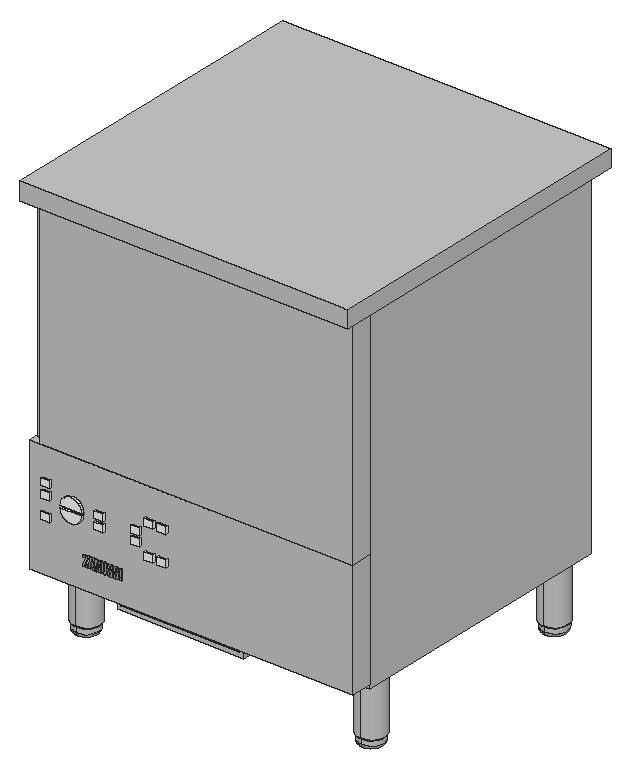
Revit family "QF_ELECTROLUXPROFESSIONAL_727893_RBF061", category Specialty Equipment, Revit 2018
Family settings
  Round Connector Dimension = Use Diameter
  Part Type = Normal
  Work Plane-Based = No
  Always vertical = Yes
  Cut with Voids When Loaded = No
  Shared = No
  Room Calculation Point = No
Parameters (values of type "Standard")
  Weight = 231.485 lbm
  Watts = 0 W
  Volts = 220 V
  URL Manufacturer = "http://professional.electrolux.com"
  URL = "http://professional.electrolux.com"
  Steam Supply Size = 0"
  Steam Supply Minimum Pressure = 0.00 psi
  Steam Supply Maximum Pressure = 0.00 psi
  Steam Pounds per Hour = 0
  Show Clearance [instance] = yes
  Refrigeration Suction Line Size = 0 mm
  Refrigeration Liquid Line Size = 0 mm
  Refrigerant Compressor Remote = yes
  Phase = 1
  Model = "RBF061"
  Manufacturer = "Electrolux Professional"
  Length Actual = 760 mm  # constant formula
  Item Number = "727893"
  Hot Water Size = 0"
  Height Actual = 970 mm  # constant formula
  HP = "2.1 HP"
  Gas Size = 0"
  Gas KW = 0
  Gas Input Pressure = 0.0 Btu/h
  Direct Waste Size = 0"
  Description = "BLAST CHILLER/FREEZER 19,5/15KG 6 GN1/1-R452A"
  Depth Actual = 760 mm  # constant formula
  Cycle = 50 Hz
  Condensate Return Size = 0"
  Compressed Air Volume = 0 GPM
  Compressed Air Size = 0"
  Compressed Air Pressure = 0.00 psi
  Cold Water Size = 0"
  Accessory = yes
Reference planes
  plane 1 "BACK": y = 0
  plane 2: z = 0
  plane 3 "LEFT": x = 0
  plane 4 "RIGHT": x = 760
  plane 5 "FRONT": y = -760
  plane 6 "TOP": z = 970
  plane 7 "Center Y": x = 380
  plane 8 "Center X": y = -380
  plane 9: x = 50
  plane 10: x = 710
  plane 11: z = 150
  plane 12: z = 86
  plane 13: y = -50
  plane 14: y = -760
  plane 15: y = -689
  plane 16: y = -435
  plane 17: y = -1450
Forms (mm)
  Extrusion 1, solid, material "QF_Metal - Stainless - Polished"
    sketch origin (0, 0, 0) x (1, 0, 0) y (0, 0, 1)
      loop
        line (6.35, 930) -> (6.35, 150) -> (753.65, 150) -> (753.65, 930) -> (6.35, 930)
    from 50 to 689
  Revolve 2, solid, material "QF_Metal - Stainless - Polished"
    sketch origin (50, -16.833, 0) x (0, 1, 0) y (0, 0, 1)
      loop
        line (-650.954, 150) -> (-650.954, 145.008) -> (-645.28, 145.008) -> (-645.28, 21.074) -> (-641.767, 17.561) -> (-641.767, 6.021)
        arc (-641.767, 6.021) -> (-640.973, 2.655) -> (-638.757, 0) r 7.527
        line (-638.757, 0) -> (-613.167, 0) -> (-613.167, 150) -> (-650.954, 150)
      axis (-613.167, 0) -> (-613.167, 150)
    angle from 0 to 360
  Revolve 3, solid, material "QF_Metal - Stainless - Polished"
    sketch origin (50, -787.167, 0) x (0, -1, 0) y (0, 0, 1)
      loop
        line (-724.954, 150) -> (-724.954, 145.008) -> (-719.28, 145.008) -> (-719.28, 21.074) -> (-715.767, 17.561) -> (-715.767, 6.021)
        arc (-715.767, 6.021) -> (-714.973, 2.655) -> (-712.757, 0) r 7.527
        line (-712.757, 0) -> (-687.167, 0) -> (-687.167, 150) -> (-724.954, 150)
      axis (-687.167, 0) -> (-687.167, 150)
    angle from 0 to 360
  Extrusion 4, solid, material "QF_Metal - Stainless - Polished"
    sketch origin (-90, 0, 0) x (1, 0, 0) y (0, 0, 1)
      loop
        line (201.815, 150) -> (201.815, 120.527) -> (558.815, 120.527) -> (558.815, 150) -> (552.415, 150) -> (552.415, 126.927) -> (208.215, 126.927) -> (208.215, 150) -> (201.815, 150)
    from 218.729 to 655.055
  Extrusion 5, solid, material "QF_Metal - Stainless - Polished"
    sketch origin (-90, 0, 0) x (1, 0, 0) y (0, 0, 1)
      loop
        line (239.429, 120.527) -> (233.029, 120.527) -> (233.029, 86) -> (524.894, 86) -> (524.894, 120.527) -> (518.494, 120.527) -> (518.494, 95.527) -> (239.429, 95.527) -> (239.429, 120.527)
    from 333.038 to 655.055
  Extrusion 6, solid, material "QF_Metal - Stainless - Polished"
    sketch origin (0, -130, 0) x (1, 0, 0) y (0, 1, 0)
      loop
        circle (380, -305) r 20
    from 138.473 to 150
  Revolve 7, solid, material "QF_Metal - Stainless - Polished"
    sketch origin (710, -16.833, 0) x (0, 1, 0) y (0, 0, -1)
      loop
        line (-650.954, -150) -> (-613.167, -150) -> (-613.167, 0) -> (-638.757, 0)
        arc (-638.757, 0) -> (-640.973, -2.655) -> (-641.767, -6.021) r 7.527
        line (-641.767, -6.021) -> (-641.767, -17.561) -> (-645.28, -21.074) -> (-645.28, -145.008) -> (-650.954, -145.008) -> (-650.954, -150)
      axis (-613.167, 0) -> (-613.167, -150)
    angle from 0 to 360
  Revolve 8, solid, material "QF_Metal - Stainless - Polished"
    sketch origin (710, -787.167, 0) x (0, -1, 0) y (0, 0, 1)
      loop
        line (-724.954, 150) -> (-724.954, 145.008) -> (-719.28, 145.008) -> (-719.28, 21.074) -> (-715.767, 17.561) -> (-715.767, 6.021)
        arc (-715.767, 6.021) -> (-714.973, 2.655) -> (-712.757, 0) r 7.527
        line (-712.757, 0) -> (-687.167, 0) -> (-687.167, 150) -> (-724.954, 150)
      axis (-687.167, 0) -> (-687.167, 150)
    angle from 0 to 360
  Extrusion 9, solid, material "QF_Metal - Stainless - Polished"
    sketch origin (0, -50, 0) x (1, 0, 0) y (0, 0, 1)
      loop
        circle (380, 777.083) r 20
    from -7.507 to 0
  Extrusion 10, solid, material "QF_Door-Drawer Clearances", visible <- "Show Clearance", detail levels coarse
    sketch origin (0, 0, 0) x (1, 0, 0) y (0, 1, 0)
      loop
        line (753.65, -739) -> (6.35, -739)
        arc (6.35, -739) -> (230.872, -1251.241) -> (753.65, -1450) r 722.91
        line (753.65, -1450) -> (753.65, -739)
    from 427.4 to 930
  Extrusion 11, solid, material "QF_Metal - Stainless - Polished"
    sketch origin (0, 0, 930) x (1, 0, 0) y (0, 1, 0)
      loop
        line (0, 0) -> (0, -760) -> (760, -760) -> (760, 0) -> (0, 0)
    from 0 to 40
  Extrusion 12, solid, material "QF_Metal - Stainless - Polished"
    sketch origin (0, 0, 0) x (1, 0, 0) y (0, 1, 0)
      loop
        line (753.65, -689) -> (6.35, -689) -> (6.35, -714)
        arc (6.35, -714) -> (13.85, -721.5) -> (21.35, -714) r 7.5
        line (21.35, -714) -> (21.35, -712.023)
        arc (21.35, -712.023) -> (23.7, -706.35) -> (29.373, -704) r 8.023
        line (29.373, -704) -> (50, -704)
        arc (50, -704) -> (58.125, -712.125) -> (50, -720.25) r 8.125
        line (50, -720.25) -> (43.056, -720.25)
        arc (43.056, -720.25) -> (33.824, -724.074) -> (30, -733.306) r 13.056
        line (30, -733.306) -> (30, -739) -> (753.65, -739) -> (753.65, -689)
    from 427.4 to 930
  Extrusion 13, solid, material "QF_Metal - Stainless - Polished"
    sketch origin (0, 74.472, -542.6) x (1, 0, 0) y (0, 0, 1)
      loop
        line (6.35, 970) -> (6.35, 701.557) -> (753.65, 701.557) -> (753.65, 970) -> (6.35, 970)
    from 763.472 to 813.472
  Extrusion 14, solid, material "QF_Plastic - White - Smooth"
    sketch origin (-40, -739, -257.391) x (1, 0, 0) y (0, 0, 1)
      loop
        line (75.078, 617.851) -> (75.078, 601.601) -> (95.078, 601.601) -> (95.078, 617.851) -> (75.078, 617.851)
      loop
        line (75.078, 547.851) -> (75.078, 531.601) -> (95.078, 531.601) -> (95.078, 547.851) -> (75.078, 547.851)
      loop
        line (75.078, 592.851) -> (75.078, 576.601) -> (95.078, 576.601) -> (95.078, 592.851) -> (75.078, 592.851)
      loop
        line (120.078, 576.601) -> (170.078, 576.601)
        arc (170.078, 576.601) -> (145.078, 601.601) -> (120.078, 576.601) r 25
      loop
        arc (120.078, 571.601) -> (145.078, 546.601) -> (170.078, 571.601) r 25
        line (170.078, 571.601) -> (120.078, 571.601)
      loop
        line (198.715, 592.851) -> (198.715, 576.601) -> (218.715, 576.601) -> (218.715, 592.851) -> (198.715, 592.851)
      loop
        line (198.715, 570.081) -> (198.715, 553.831) -> (218.715, 553.831) -> (218.715, 570.081) -> (198.715, 570.081)
      loop
        line (283.715, 592.851) -> (283.715, 576.601) -> (303.715, 576.601) -> (303.715, 592.851) -> (283.715, 592.851)
      loop
        line (283.715, 570.081) -> (283.715, 553.831) -> (303.715, 553.831) -> (303.715, 570.081) -> (283.715, 570.081)
      loop
        line (314.587, 617.851) -> (314.587, 601.601) -> (334.587, 601.601) -> (334.587, 617.851) -> (314.587, 617.851)
      loop
        line (344.587, 617.851) -> (344.587, 601.601) -> (364.587, 601.601) -> (364.587, 617.851) -> (344.587, 617.851)
      loop
        line (314.587, 547.851) -> (314.587, 531.601) -> (334.587, 531.601) -> (334.587, 547.851) -> (314.587, 547.851)
      loop
        line (344.587, 547.851) -> (344.587, 531.601) -> (364.587, 531.601) -> (364.587, 547.851) -> (344.587, 547.851)
    from 0 to 4.861
Lines and regions (mm)
  Split face 1
    outline origin (0, -739, -542.6) x (1, 0, 0) y (0, 0, 1)
      loop
        line (33.078, 905.06) -> (33.078, 814.81) -> (326.587, 814.81) -> (326.587, 905.06) -> (33.078, 905.06)
  Split face 2
    outline origin (-15, -739, -542.6) x (1, 0, 0) y (0, 0, 1)
      loop
        line (397.261, 942.498) -> (397.261, 932.498) -> (452.261, 932.498) -> (452.261, 942.498) -> (397.261, 942.498)
  Split face 3
    outline origin (-15, -739, -557.6) x (1, 0, 0) y (0, 0, 1)
      loop
        line (397.261, 942.498) -> (397.261, 932.498) -> (452.261, 932.498) -> (452.261, 942.498) -> (397.261, 942.498)
  Split face 4
    outline origin (-15, -739, -572.6) x (1, 0, 0) y (0, 0, 1)
      loop
        line (397.261, 942.498) -> (397.261, 932.498) -> (452.261, 932.498) -> (452.261, 942.498) -> (397.261, 942.498)
  Split face 5
    outline origin (-15, -739, -602.6) x (1, 0, 0) y (0, 0, 1)
      loop
        line (397.261, 942.498) -> (397.261, 932.498) -> (452.261, 932.498) -> (452.261, 942.498) -> (397.261, 942.498)
  Split face 6
    outline origin (-15, -739, -617.6) x (1, 0, 0) y (0, 0, 1)
      loop
        line (397.261, 942.498) -> (397.261, 932.498) -> (452.261, 932.498) -> (452.261, 942.498) -> (397.261, 942.498)
  Split face 7
    outline origin (-15, -739, -632.6) x (1, 0, 0) y (0, 0, 1)
      loop
        line (397.261, 942.498) -> (397.261, 932.498) -> (452.261, 932.498) -> (452.261, 942.498) -> (397.261, 942.498)
  Split face 8
    outline origin (-15, -739, -662.6) x (1, 0, 0) y (0, 0, 1)
      loop
        line (397.261, 942.498) -> (397.261, 932.498) -> (452.261, 932.498) -> (452.261, 942.498) -> (397.261, 942.498)
  Split face 9
    outline origin (-15, -739, -677.6) x (1, 0, 0) y (0, 0, 1)
      loop
        line (397.261, 942.498) -> (397.261, 932.498) -> (452.261, 932.498) -> (452.261, 942.498) -> (397.261, 942.498)
  Split face 10
    outline origin (-15, -739, -692.6) x (1, 0, 0) y (0, 0, 1)
      loop
        line (397.261, 942.498) -> (397.261, 932.498) -> (452.261, 932.498) -> (452.261, 942.498) -> (397.261, 942.498)
  Split face 11
    outline origin (-15, -739, -722.6) x (1, 0, 0) y (0, 0, 1)
      loop
        line (397.261, 942.498) -> (397.261, 932.498) -> (452.261, 932.498) -> (452.261, 942.498) -> (397.261, 942.498)
  Split face 12
    outline origin (-15, -739, -737.6) x (1, 0, 0) y (0, 0, 1)
      loop
        line (397.261, 942.498) -> (397.261, 932.498) -> (452.261, 932.498) -> (452.261, 942.498) -> (397.261, 942.498)
  Split face 13
    outline origin (-15, -739, -752.6) x (1, 0, 0) y (0, 0, 1)
      loop
        line (397.261, 942.498) -> (397.261, 932.498) -> (452.261, 932.498) -> (452.261, 942.498) -> (397.261, 942.498)
  Split face 14
    outline origin (60, -739, -542.6) x (1, 0, 0) y (0, 0, 1)
      loop
        line (397.261, 942.498) -> (397.261, 932.498) -> (452.261, 932.498) -> (452.261, 942.498) -> (397.261, 942.498)
  Split face 15
    outline origin (60, -739, -557.6) x (1, 0, 0) y (0, 0, 1)
      loop
        line (397.261, 942.498) -> (397.261, 932.498) -> (452.261, 932.498) -> (452.261, 942.498) -> (397.261, 942.498)
  Split face 16
    outline origin (60, -739, -572.6) x (1, 0, 0) y (0, 0, 1)
      loop
        line (397.261, 942.498) -> (397.261, 932.498) -> (452.261, 932.498) -> (452.261, 942.498) -> (397.261, 942.498)
  Split face 17
    outline origin (60, -739, -602.6) x (1, 0, 0) y (0, 0, 1)
      loop
        line (397.261, 942.498) -> (397.261, 932.498) -> (452.261, 932.498) -> (452.261, 942.498) -> (397.261, 942.498)
  Split face 18
    outline origin (60, -739, -617.6) x (1, 0, 0) y (0, 0, 1)
      loop
        line (397.261, 942.498) -> (397.261, 932.498) -> (452.261, 932.498) -> (452.261, 942.498) -> (397.261, 942.498)
  Split face 19
    outline origin (60, -739, -632.6) x (1, 0, 0) y (0, 0, 1)
      loop
        line (397.261, 942.498) -> (397.261, 932.498) -> (452.261, 932.498) -> (452.261, 942.498) -> (397.261, 942.498)
  Split face 20
    outline origin (60, -739, -662.6) x (1, 0, 0) y (0, 0, 1)
      loop
        line (397.261, 942.498) -> (397.261, 932.498) -> (452.261, 932.498) -> (452.261, 942.498) -> (397.261, 942.498)
  Split face 21
    outline origin (60, -739, -677.6) x (1, 0, 0) y (0, 0, 1)
      loop
        line (397.261, 942.498) -> (397.261, 932.498) -> (452.261, 932.498) -> (452.261, 942.498) -> (397.261, 942.498)
  Split face 22
    outline origin (60, -739, -692.6) x (1, 0, 0) y (0, 0, 1)
      loop
        line (397.261, 942.498) -> (397.261, 932.498) -> (452.261, 932.498) -> (452.261, 942.498) -> (397.261, 942.498)
  Split face 23
    outline origin (60, -739, -722.6) x (1, 0, 0) y (0, 0, 1)
      loop
        line (397.261, 942.498) -> (397.261, 932.498) -> (452.261, 932.498) -> (452.261, 942.498) -> (397.261, 942.498)
  Split face 24
    outline origin (60, -739, -737.6) x (1, 0, 0) y (0, 0, 1)
      loop
        line (397.261, 942.498) -> (397.261, 932.498) -> (452.261, 932.498) -> (452.261, 942.498) -> (397.261, 942.498)
  Split face 25
    outline origin (60, -739, -752.6) x (1, 0, 0) y (0, 0, 1)
      loop
        line (397.261, 942.498) -> (397.261, 932.498) -> (452.261, 932.498) -> (452.261, 942.498) -> (397.261, 942.498)
  Split face 26
    outline origin (135, -739, -542.6) x (1, 0, 0) y (0, 0, 1)
      loop
        line (397.261, 942.498) -> (397.261, 932.498) -> (452.261, 932.498) -> (452.261, 942.498) -> (397.261, 942.498)
  Split face 27
    outline origin (135, -739, -557.6) x (1, 0, 0) y (0, 0, 1)
      loop
        line (397.261, 942.498) -> (397.261, 932.498) -> (452.261, 932.498) -> (452.261, 942.498) -> (397.261, 942.498)
  Split face 28
    outline origin (135, -739, -572.6) x (1, 0, 0) y (0, 0, 1)
      loop
        line (397.261, 942.498) -> (397.261, 932.498) -> (452.261, 932.498) -> (452.261, 942.498) -> (397.261, 942.498)
  Split face 29
    outline origin (135, -739, -602.6) x (1, 0, 0) y (0, 0, 1)
      loop
        line (397.261, 942.498) -> (397.261, 932.498) -> (452.261, 932.498) -> (452.261, 942.498) -> (397.261, 942.498)
  Split face 30
    outline origin (135, -739, -617.6) x (1, 0, 0) y (0, 0, 1)
      loop
        line (397.261, 942.498) -> (397.261, 932.498) -> (452.261, 932.498) -> (452.261, 942.498) -> (397.261, 942.498)
  Split face 31
    outline origin (135, -739, -632.6) x (1, 0, 0) y (0, 0, 1)
      loop
        line (397.261, 942.498) -> (397.261, 932.498) -> (452.261, 932.498) -> (452.261, 942.498) -> (397.261, 942.498)
  Split face 32
    outline origin (135, -739, -662.6) x (1, 0, 0) y (0, 0, 1)
      loop
        line (397.261, 942.498) -> (397.261, 932.498) -> (452.261, 932.498) -> (452.261, 942.498) -> (397.261, 942.498)
  Split face 33
    outline origin (135, -739, -677.6) x (1, 0, 0) y (0, 0, 1)
      loop
        line (397.261, 942.498) -> (397.261, 932.498) -> (452.261, 932.498) -> (452.261, 942.498) -> (397.261, 942.498)
  Split face 34
    outline origin (135, -739, -692.6) x (1, 0, 0) y (0, 0, 1)
      loop
        line (397.261, 942.498) -> (397.261, 932.498) -> (452.261, 932.498) -> (452.261, 942.498) -> (397.261, 942.498)
  Split face 35
    outline origin (135, -739, -722.6) x (1, 0, 0) y (0, 0, 1)
      loop
        line (397.261, 942.498) -> (397.261, 932.498) -> (452.261, 932.498) -> (452.261, 942.498) -> (397.261, 942.498)
  Split face 36
    outline origin (135, -739, -737.6) x (1, 0, 0) y (0, 0, 1)
      loop
        line (397.261, 942.498) -> (397.261, 932.498) -> (452.261, 932.498) -> (452.261, 942.498) -> (397.261, 942.498)
  Split face 37
    outline origin (135, -739, -752.6) x (1, 0, 0) y (0, 0, 1)
      loop
        line (397.261, 942.498) -> (397.261, 932.498) -> (452.261, 932.498) -> (452.261, 942.498) -> (397.261, 942.498)
  Split face 38
    outline origin (210, -739, -542.6) x (1, 0, 0) y (0, 0, 1)
      loop
        line (397.261, 942.498) -> (397.261, 932.498) -> (452.261, 932.498) -> (452.261, 942.498) -> (397.261, 942.498)
  Split face 39
    outline origin (210, -739, -557.6) x (1, 0, 0) y (0, 0, 1)
      loop
        line (397.261, 942.498) -> (397.261, 932.498) -> (452.261, 932.498) -> (452.261, 942.498) -> (397.261, 942.498)
  Split face 40
    outline origin (210, -739, -572.6) x (1, 0, 0) y (0, 0, 1)
      loop
        line (397.261, 942.498) -> (397.261, 932.498) -> (452.261, 932.498) -> (452.261, 942.498) -> (397.261, 942.498)
  Split face 41
    outline origin (210, -739, -602.6) x (1, 0, 0) y (0, 0, 1)
      loop
        line (397.261, 942.498) -> (397.261, 932.498) -> (452.261, 932.498) -> (452.261, 942.498) -> (397.261, 942.498)
  Split face 42
    outline origin (210, -739, -617.6) x (1, 0, 0) y (0, 0, 1)
      loop
        line (397.261, 942.498) -> (397.261, 932.498) -> (452.261, 932.498) -> (452.261, 942.498) -> (397.261, 942.498)
  Split face 43
    outline origin (210, -739, -632.6) x (1, 0, 0) y (0, 0, 1)
      loop
        line (397.261, 942.498) -> (397.261, 932.498) -> (452.261, 932.498) -> (452.261, 942.498) -> (397.261, 942.498)
  Split face 44
    outline origin (210, -739, -662.6) x (1, 0, 0) y (0, 0, 1)
      loop
        line (397.261, 942.498) -> (397.261, 932.498) -> (452.261, 932.498) -> (452.261, 942.498) -> (397.261, 942.498)
  Split face 45
    outline origin (210, -739, -677.6) x (1, 0, 0) y (0, 0, 1)
      loop
        line (397.261, 942.498) -> (397.261, 932.498) -> (452.261, 932.498) -> (452.261, 942.498) -> (397.261, 942.498)
  Split face 46
    outline origin (210, -739, -692.6) x (1, 0, 0) y (0, 0, 1)
      loop
        line (397.261, 942.498) -> (397.261, 932.498) -> (452.261, 932.498) -> (452.261, 942.498) -> (397.261, 942.498)
  Split face 47
    outline origin (210, -739, -722.6) x (1, 0, 0) y (0, 0, 1)
      loop
        line (397.261, 942.498) -> (397.261, 932.498) -> (452.261, 932.498) -> (452.261, 942.498) -> (397.261, 942.498)
  Split face 48
    outline origin (210, -739, -737.6) x (1, 0, 0) y (0, 0, 1)
      loop
        line (397.261, 942.498) -> (397.261, 932.498) -> (452.261, 932.498) -> (452.261, 942.498) -> (397.261, 942.498)
  Split face 49
    outline origin (210, -739, -752.6) x (1, 0, 0) y (0, 0, 1)
      loop
        line (397.261, 942.498) -> (397.261, 932.498) -> (452.261, 932.498) -> (452.261, 942.498) -> (397.261, 942.498)
  Split face 50
    outline origin (285, -739, -542.6) x (1, 0, 0) y (0, 0, 1)
      loop
        line (397.261, 942.498) -> (397.261, 932.498) -> (452.261, 932.498) -> (452.261, 942.498) -> (397.261, 942.498)
  Split face 51
    outline origin (285, -739, -557.6) x (1, 0, 0) y (0, 0, 1)
      loop
        line (397.261, 942.498) -> (397.261, 932.498) -> (452.261, 932.498) -> (452.261, 942.498) -> (397.261, 942.498)
  Split face 52
    outline origin (285, -739, -572.6) x (1, 0, 0) y (0, 0, 1)
      loop
        line (397.261, 942.498) -> (397.261, 932.498) -> (452.261, 932.498) -> (452.261, 942.498) -> (397.261, 942.498)
  Split face 53
    outline origin (285, -739, -602.6) x (1, 0, 0) y (0, 0, 1)
      loop
        line (397.261, 942.498) -> (397.261, 932.498) -> (452.261, 932.498) -> (452.261, 942.498) -> (397.261, 942.498)
  Split face 54
    outline origin (285, -739, -617.6) x (1, 0, 0) y (0, 0, 1)
      loop
        line (397.261, 942.498) -> (397.261, 932.498) -> (452.261, 932.498) -> (452.261, 942.498) -> (397.261, 942.498)
  Split face 55
    outline origin (285, -739, -632.6) x (1, 0, 0) y (0, 0, 1)
      loop
        line (397.261, 942.498) -> (397.261, 932.498) -> (452.261, 932.498) -> (452.261, 942.498) -> (397.261, 942.498)
  Split face 56
    outline origin (285, -739, -662.6) x (1, 0, 0) y (0, 0, 1)
      loop
        line (397.261, 942.498) -> (397.261, 932.498) -> (452.261, 932.498) -> (452.261, 942.498) -> (397.261, 942.498)
  Split face 57
    outline origin (285, -739, -677.6) x (1, 0, 0) y (0, 0, 1)
      loop
        line (397.261, 942.498) -> (397.261, 932.498) -> (452.261, 932.498) -> (452.261, 942.498) -> (397.261, 942.498)
  Split face 58
    outline origin (285, -739, -692.6) x (1, 0, 0) y (0, 0, 1)
      loop
        line (397.261, 942.498) -> (397.261, 932.498) -> (452.261, 932.498) -> (452.261, 942.498) -> (397.261, 942.498)
  Split face 59
    outline origin (285, -739, -722.6) x (1, 0, 0) y (0, 0, 1)
      loop
        line (397.261, 942.498) -> (397.261, 932.498) -> (452.261, 932.498) -> (452.261, 942.498) -> (397.261, 942.498)
  Split face 60
    outline origin (285, -739, -737.6) x (1, 0, 0) y (0, 0, 1)
      loop
        line (397.261, 942.498) -> (397.261, 932.498) -> (452.261, 932.498) -> (452.261, 942.498) -> (397.261, 942.498)
  Split face 61
    outline origin (285, -739, -752.6) x (1, 0, 0) y (0, 0, 1)
      loop
        line (397.261, 942.498) -> (397.261, 932.498) -> (452.261, 932.498) -> (452.261, 942.498) -> (397.261, 942.498)
  symbolic lines
    curve 1: line (0, 0, 0) -> (0, -760, 0)
    curve 2: line (760, 0, 0) -> (0, 0, 0)
    curve 3: line (760, -760, 0) -> (760, 0, 0)
    curve 4: line (0, -750.478, 0) -> (0, -760, 0)
    curve 5: line (0, -760, 0) -> (760, -760, 0)
    curve 6: line (760, -760, 0) -> (760, -750.478, 0)
  symbolic lines, style "QF_Door-Drawer Clearances"
    curve 7: line (753.65, -760, 0) -> (753.65, -1450.558, 0)
    curve 8: arc (6.989, -760, 0) -> (238.645, -1258.464, 0) -> (753.65, -1450.558, 0) r 723.993
Dimensions and locks
  equal spacing: plane 3 "LEFT", plane 7 "Center Y", plane 4 "RIGHT"
  plane 3 "LEFT" to plane 4 "RIGHT" = 760 mm
  equal spacing: plane 5 "FRONT", plane 8 "Center X", plane 1 "BACK"
  plane 5 "FRONT" to plane 1 "BACK" = 760 mm
  plane 6 "TOP" to level = 970 mm
  plane 9 to plane 3 "LEFT" = 50 mm
  plane 10 to plane 4 "RIGHT" = 50 mm
  plane 10 to plane 9 = 660 mm
  plane 11 to level = 150 mm
  plane 12 to plane 11 = 64 mm
  plane 1 "BACK" to plane 13 = 50 mm
  plane 13 to plane 15 = 639 mm
  plane 16 to plane 1 "BACK" = 435 mm
  plane 17 to plane 1 "BACK" = 1450 mm
  plane 3 "LEFT" to Extrusion 10 = 753.65 mm
  aligned and locked: level to plane 2
Automatic sketch dimensions
  Extrusion 1 sketch curve to plane 11 = 0 mm
  plane 3 "LEFT" to Extrusion 1 sketch curve = 6.35 mm
  plane 4 "RIGHT" to Extrusion 1 sketch curve = 6.35 mm
  Extrusion 1 sketch curve to plane 6 "TOP" = 40 mm
  Revolve 2 sketch curve to plane 11 = 0 mm
  Revolve 2 sketch curve to level = 0 mm
  Revolve 2 sketch curve to plane 15 = 21.213 mm
  Revolve 2 sketch curve to Revolve 2 sketch curve = 5.674 mm
  Revolve 2 sketch curve to Revolve 2 sketch curve = 3.513 mm  (x2)
  Revolve 2 sketch curve to Revolve 2 sketch curve = 3.01 mm
  level to Revolve 2 sketch curve = 6.021 mm
  Revolve 2 sketch curve to Revolve 2 sketch curve = 21.073 mm
  Revolve 2 sketch curve to Revolve 2 sketch curve = 11.54 mm
  Revolve 2 sketch curve to plane 11 = 4.992 mm
  Revolve 2 sketch curve to Revolve 2 sketch curve = 0 mm
  Revolve 2 sketch curve to Revolve 2 sketch curve = 4.992 mm
  plane 11 to Revolve 2 sketch curve = 20.008 mm
  Revolve 3 sketch curve to plane 11 = 0 mm
  Revolve 3 sketch curve to level = 0 mm
  Revolve 3 sketch curve to plane 13 = 12.213 mm
  Revolve 3 sketch curve to Revolve 3 sketch curve = 5.674 mm
  Revolve 3 sketch curve to Revolve 3 sketch curve = 3.513 mm  (x2)
  Revolve 3 sketch curve to Revolve 3 sketch curve = 3.01 mm
  Revolve 3 sketch curve to level = 6.021 mm
  Revolve 3 sketch curve to Revolve 3 sketch curve = 21.073 mm
  Revolve 3 sketch curve to Revolve 3 sketch curve = 11.54 mm
  plane 11 to Revolve 3 sketch curve = 4.992 mm
  Revolve 3 sketch curve to Revolve 3 sketch curve = 0 mm
  Revolve 3 sketch curve to Revolve 3 sketch curve = 4.992 mm
  Revolve 3 sketch curve to plane 11 = 20.008 mm
  Extrusion 4 sketch curve to plane 11 = 0 mm  (x2)
  plane 9 to Extrusion 4 sketch curve = 61.815 mm
  Extrusion 4 sketch curve to Extrusion 4 sketch curve = 6.4 mm  (x3)
  plane 7 "Center Y" to Extrusion 4 sketch curve = 82.415 mm
  Extrusion 4 sketch curve to Extrusion 4 sketch curve = 23.073 mm
  Extrusion 5 sketch curve to plane 12 = 0 mm
  Extrusion 5 sketch curve to plane 11 = 29.473 mm
  plane 9 to Extrusion 5 sketch curve = 93.029 mm
  Extrusion 5 sketch curve to Extrusion 5 sketch curve = 6.4 mm  (x2)
  Extrusion 5 sketch curve to plane 12 = 9.527 mm
  plane 7 "Center Y" to Extrusion 5 sketch curve = 48.494 mm
  Extrusion 5 sketch curve to Extrusion 5 sketch curve = 25 mm
  Extrusion 6 sketch curve to plane 7 "Center Y" = 0 mm
  Extrusion 6 sketch curve to plane 16 = 0 mm
  plane 11 to Revolve 7 sketch curve = 0 mm
  Revolve 7 sketch curve to level = 0 mm
  Revolve 7 sketch curve to plane 15 = 21.213 mm
  Revolve 7 sketch curve to Revolve 7 sketch curve = 5.674 mm
  Revolve 7 sketch curve to Revolve 7 sketch curve = 3.513 mm  (x2)
  Revolve 7 sketch curve to Revolve 7 sketch curve = 3.01 mm
  level to Revolve 7 sketch curve = 6.021 mm
  Revolve 7 sketch curve to Revolve 7 sketch curve = 21.073 mm
  Revolve 7 sketch curve to plane 11 = 4.992 mm
  Revolve 7 sketch curve to Revolve 7 sketch curve = 15.053 mm
  Revolve 7 sketch curve to Revolve 7 sketch curve = 0 mm
  plane 11 to Revolve 7 sketch curve = 20.008 mm
  Revolve 7 sketch curve to Revolve 7 sketch curve = 4.992 mm
  Revolve 8 sketch curve to plane 11 = 0 mm
  Revolve 8 sketch curve to level = 0 mm
  plane 13 to Revolve 8 sketch curve = 12.213 mm
  Revolve 8 sketch curve to Revolve 8 sketch curve = 5.674 mm
  Revolve 8 sketch curve to Revolve 8 sketch curve = 3.513 mm  (x2)
  Revolve 8 sketch curve to Revolve 8 sketch curve = 3.01 mm
  level to Revolve 8 sketch curve = 6.021 mm
  Revolve 8 sketch curve to Revolve 8 sketch curve = 21.073 mm
  Revolve 8 sketch curve to Revolve 8 sketch curve = 11.54 mm
  Revolve 8 sketch curve to plane 11 = 4.992 mm  (x2)
  Revolve 8 sketch curve to Revolve 8 sketch curve = 0 mm
  Revolve 8 sketch curve to Revolve 8 sketch curve = 20.008 mm
  Extrusion 9 sketch curve to plane 7 "Center Y" = 0 mm
  Extrusion 9 sketch curve to plane 6 "TOP" = 192.917 mm
  Extrusion 10 sketch curve to plane 17 = 0 mm
  plane 3 "LEFT" to Extrusion 10 sketch curve = 6.35 mm
  Extrusion 10 sketch curve to plane 10 = 19.168 mm
  plane 4 "RIGHT" to Extrusion 10 sketch curve = 6.35 mm
  Extrusion 10 sketch curve to plane 5 "FRONT" = 21 mm
  Extrusion 11 sketch curve to plane 3 "LEFT" = 0 mm
  Extrusion 11 sketch curve to plane 4 "RIGHT" = 0 mm
  plane 5 "FRONT" to Extrusion 11 sketch curve = 0 mm
  plane 1 "BACK" to Extrusion 11 sketch curve = 0 mm
  plane 15 to Extrusion 12 sketch curve = 0 mm
  Extrusion 12 sketch curve to plane 9 = 0 mm
  Extrusion 12 sketch curve to plane 9 = 6.944 mm
  Extrusion 12 sketch curve to Extrusion 12 sketch curve = 13.056 mm
  Extrusion 12 sketch curve to Extrusion 12 sketch curve = 13.683 mm
  Extrusion 12 sketch curve to Extrusion 12 sketch curve = 8.023 mm
  Extrusion 12 sketch curve to Extrusion 12 sketch curve = 7.5 mm
  plane 4 "RIGHT" to Extrusion 12 sketch curve = 6.35 mm
  plane 15 to Extrusion 12 sketch curve = 15 mm
  Extrusion 12 sketch curve to Extrusion 12 sketch curve = 8.125 mm
  Extrusion 12 sketch curve to Extrusion 12 sketch curve = 1.977 mm
  Extrusion 12 sketch curve to Extrusion 12 sketch curve = 5.694 mm
  plane 3 "LEFT" to Extrusion 13 sketch curve = 6.35 mm
  plane 4 "RIGHT" to Extrusion 13 sketch curve = 6.35 mm
  plane 11 to Extrusion 13 sketch curve = 8.956 mm
  Extrusion 13 sketch curve to Extrusion 13 sketch curve = 268.443 mm
  Split face 1 sketch curve to Extrusion 13 = 26.728 mm
  Split face 1 sketch curve to Extrusion 13 = 113.254 mm
  Split face 1 sketch curve to Split face 1 sketch curve = 293.509 mm
  Split face 1 sketch curve to Extrusion 13 = 64.94 mm
  Extrusion 14 sketch curve to plane 9 = 14.922 mm  (x2)
  Extrusion 14 sketch curve to Extrusion 14 sketch curve = 0 mm  (x11)
  plane 9 to Extrusion 14 sketch curve = 5.078 mm  (x3)
  Extrusion 14 sketch curve to Extrusion 14 sketch curve = 25 mm  (x2)
  Extrusion 14 sketch curve to Extrusion 14 sketch curve = 28.636 mm
  Extrusion 14 sketch curve to Extrusion 14 sketch curve = 20 mm  (x7)
  Extrusion 14 sketch curve to Extrusion 14 sketch curve = 65 mm
  Extrusion 14 sketch curve to Extrusion 14 sketch curve = 10.872 mm  (x2)
  Extrusion 14 sketch curve to Extrusion 14 sketch curve = 10 mm  (x2)
  plane 11 to Extrusion 14 sketch curve = 124.21 mm  (x2)
  Extrusion 14 sketch curve to Extrusion 14 sketch curve = 16.25 mm  (x9)
  Extrusion 14 sketch curve to Extrusion 14 sketch curve = 5.98 mm
  Extrusion 14 sketch curve to Extrusion 14 sketch curve = 1.52 mm
  Extrusion 14 sketch curve to Extrusion 14 sketch curve = 6.52 mm  (x2)
  Extrusion 14 sketch curve to Extrusion 14 sketch curve = 5 mm  (x2)
  Extrusion 14 sketch curve to Extrusion 14 sketch curve = 8.75 mm  (x2)
  Split face 2 sketch curve to Extrusion 13 = 37.502 mm
  Split face 2 sketch curve to Extrusion 13 = 371.389 mm
  Split face 2 sketch curve to Split face 2 sketch curve = 55 mm
  Split face 2 sketch curve to Split face 2 sketch curve = 10 mm
  Split face 3 sketch curve to Extrusion 13 = 52.502 mm
  Split face 3 sketch curve to Extrusion 13 = 371.389 mm
  Split face 3 sketch curve to Split face 3 sketch curve = 55 mm
  Split face 3 sketch curve to Split face 3 sketch curve = 10 mm
  Split face 4 sketch curve to Extrusion 13 = 67.502 mm
  Split face 4 sketch curve to Extrusion 13 = 371.389 mm
  Split face 4 sketch curve to Split face 4 sketch curve = 55 mm
  Split face 4 sketch curve to Split face 4 sketch curve = 10 mm
  Split face 5 sketch curve to Extrusion 13 = 97.502 mm
  Split face 5 sketch curve to Extrusion 13 = 371.389 mm
  Split face 5 sketch curve to Split face 5 sketch curve = 55 mm
  Split face 5 sketch curve to Split face 5 sketch curve = 10 mm
  Split face 6 sketch curve to Extrusion 13 = 112.502 mm
  Split face 6 sketch curve to Extrusion 13 = 371.389 mm
  Split face 6 sketch curve to Split face 6 sketch curve = 55 mm
  Split face 6 sketch curve to Split face 6 sketch curve = 10 mm
  Split face 7 sketch curve to Extrusion 13 = 127.502 mm
  Split face 7 sketch curve to Extrusion 13 = 371.389 mm
  Split face 7 sketch curve to Split face 7 sketch curve = 55 mm
  Split face 7 sketch curve to Split face 7 sketch curve = 10 mm
  Split face 8 sketch curve to Extrusion 13 = 110.941 mm
  Split face 8 sketch curve to Extrusion 13 = 371.389 mm
  Split face 8 sketch curve to Split face 8 sketch curve = 55 mm
  Split face 8 sketch curve to Split face 8 sketch curve = 10 mm
  Split face 9 sketch curve to Extrusion 13 = 95.941 mm
  Split face 9 sketch curve to Extrusion 13 = 371.389 mm
  Split face 9 sketch curve to Split face 9 sketch curve = 55 mm
  Split face 9 sketch curve to Split face 9 sketch curve = 10 mm
  Split face 10 sketch curve to Extrusion 13 = 80.941 mm
  Split face 10 sketch curve to Extrusion 13 = 371.389 mm
  Split face 10 sketch curve to Split face 10 sketch curve = 55 mm
  Split face 10 sketch curve to Split face 10 sketch curve = 10 mm
  Split face 11 sketch curve to Extrusion 13 = 50.941 mm
  Split face 11 sketch curve to Extrusion 13 = 371.389 mm
  Split face 11 sketch curve to Split face 11 sketch curve = 55 mm
  Split face 11 sketch curve to Split face 11 sketch curve = 10 mm
  Split face 12 sketch curve to Extrusion 13 = 35.941 mm
  Split face 12 sketch curve to Extrusion 13 = 371.389 mm
  Split face 12 sketch curve to Split face 12 sketch curve = 55 mm
  Split face 12 sketch curve to Split face 12 sketch curve = 10 mm
  Split face 13 sketch curve to Extrusion 13 = 20.941 mm
  Split face 13 sketch curve to Extrusion 13 = 371.389 mm
  Split face 13 sketch curve to Split face 13 sketch curve = 55 mm
  Split face 13 sketch curve to Split face 13 sketch curve = 10 mm
  Split face 14 sketch curve to Extrusion 13 = 37.502 mm
  Split face 14 sketch curve to Extrusion 13 = 296.389 mm
  Split face 14 sketch curve to Split face 14 sketch curve = 55 mm
  Split face 14 sketch curve to Split face 14 sketch curve = 10 mm
  Split face 15 sketch curve to Extrusion 13 = 52.502 mm
  Split face 15 sketch curve to Extrusion 13 = 296.389 mm
  Split face 15 sketch curve to Split face 15 sketch curve = 55 mm
  Split face 15 sketch curve to Split face 15 sketch curve = 10 mm
  Split face 16 sketch curve to Extrusion 13 = 67.502 mm
  Split face 16 sketch curve to Extrusion 13 = 296.389 mm
  Split face 16 sketch curve to Split face 16 sketch curve = 55 mm
  Split face 16 sketch curve to Split face 16 sketch curve = 10 mm
  Split face 17 sketch curve to Extrusion 13 = 97.502 mm
  Split face 17 sketch curve to Extrusion 13 = 296.389 mm
  Split face 17 sketch curve to Split face 17 sketch curve = 55 mm
  Split face 17 sketch curve to Split face 17 sketch curve = 10 mm
  Split face 18 sketch curve to Extrusion 13 = 112.502 mm
  Split face 18 sketch curve to Extrusion 13 = 296.389 mm
  Split face 18 sketch curve to Split face 18 sketch curve = 55 mm
  Split face 18 sketch curve to Split face 18 sketch curve = 10 mm
  Split face 19 sketch curve to Extrusion 13 = 127.502 mm
  Split face 19 sketch curve to Extrusion 13 = 296.389 mm
  Split face 19 sketch curve to Split face 19 sketch curve = 55 mm
  Split face 19 sketch curve to Split face 19 sketch curve = 10 mm
  Split face 20 sketch curve to Extrusion 13 = 110.941 mm
  Split face 20 sketch curve to Extrusion 13 = 296.389 mm
  Split face 20 sketch curve to Split face 20 sketch curve = 55 mm
  Split face 20 sketch curve to Split face 20 sketch curve = 10 mm
  Split face 21 sketch curve to Extrusion 13 = 95.941 mm
  Split face 21 sketch curve to Extrusion 13 = 296.389 mm
  Split face 21 sketch curve to Split face 21 sketch curve = 55 mm
  Split face 21 sketch curve to Split face 21 sketch curve = 10 mm
  Split face 22 sketch curve to Extrusion 13 = 80.941 mm
  Split face 22 sketch curve to Extrusion 13 = 296.389 mm
  Split face 22 sketch curve to Split face 22 sketch curve = 55 mm
  Split face 22 sketch curve to Split face 22 sketch curve = 10 mm
  Split face 23 sketch curve to Extrusion 13 = 50.941 mm
  Split face 23 sketch curve to Extrusion 13 = 296.389 mm
  Split face 23 sketch curve to Split face 23 sketch curve = 55 mm
  Split face 23 sketch curve to Split face 23 sketch curve = 10 mm
  Split face 24 sketch curve to Extrusion 13 = 35.941 mm
  Split face 24 sketch curve to Extrusion 13 = 296.389 mm
  Split face 24 sketch curve to Split face 24 sketch curve = 55 mm
  Split face 24 sketch curve to Split face 24 sketch curve = 10 mm
  Split face 25 sketch curve to Extrusion 13 = 20.941 mm
  Split face 25 sketch curve to Extrusion 13 = 296.389 mm
  Split face 25 sketch curve to Split face 25 sketch curve = 55 mm
  Split face 25 sketch curve to Split face 25 sketch curve = 10 mm
  Split face 26 sketch curve to Extrusion 13 = 37.502 mm
  Split face 26 sketch curve to Extrusion 13 = 221.389 mm
  Split face 26 sketch curve to Split face 26 sketch curve = 55 mm
  Split face 26 sketch curve to Split face 26 sketch curve = 10 mm
  Split face 27 sketch curve to Extrusion 13 = 52.502 mm
  Split face 27 sketch curve to Extrusion 13 = 221.389 mm
  Split face 27 sketch curve to Split face 27 sketch curve = 55 mm
  Split face 27 sketch curve to Split face 27 sketch curve = 10 mm
  Split face 28 sketch curve to Extrusion 13 = 67.502 mm
  Split face 28 sketch curve to Extrusion 13 = 221.389 mm
  Split face 28 sketch curve to Split face 28 sketch curve = 55 mm
  Split face 28 sketch curve to Split face 28 sketch curve = 10 mm
  Split face 29 sketch curve to Extrusion 13 = 97.502 mm
  Split face 29 sketch curve to Extrusion 13 = 221.389 mm
  Split face 29 sketch curve to Split face 29 sketch curve = 55 mm
  Split face 29 sketch curve to Split face 29 sketch curve = 10 mm
  Split face 30 sketch curve to Extrusion 13 = 221.389 mm
  Split face 30 sketch curve to Split face 30 sketch curve = 55 mm
  Split face 30 sketch curve to Extrusion 13 = 112.502 mm
  Split face 30 sketch curve to Split face 30 sketch curve = 10 mm
  Split face 31 sketch curve to Extrusion 13 = 221.389 mm
  Split face 31 sketch curve to Split face 31 sketch curve = 55 mm
  Split face 31 sketch curve to Extrusion 13 = 127.502 mm
  Split face 31 sketch curve to Split face 31 sketch curve = 10 mm
  Split face 32 sketch curve to Extrusion 13 = 221.389 mm
  Split face 32 sketch curve to Split face 32 sketch curve = 55 mm
  Split face 32 sketch curve to Extrusion 13 = 110.941 mm
  Split face 32 sketch curve to Split face 32 sketch curve = 10 mm
  Split face 33 sketch curve to Extrusion 13 = 95.941 mm
  Split face 33 sketch curve to Extrusion 13 = 221.389 mm
  Split face 33 sketch curve to Split face 33 sketch curve = 55 mm
  Split face 33 sketch curve to Split face 33 sketch curve = 10 mm
  Split face 34 sketch curve to Extrusion 13 = 80.941 mm
  Split face 34 sketch curve to Extrusion 13 = 221.389 mm
  Split face 34 sketch curve to Split face 34 sketch curve = 55 mm
  Split face 34 sketch curve to Split face 34 sketch curve = 10 mm
  Split face 35 sketch curve to Extrusion 13 = 50.941 mm
  Split face 35 sketch curve to Extrusion 13 = 221.389 mm
  Split face 35 sketch curve to Split face 35 sketch curve = 55 mm
  Split face 35 sketch curve to Split face 35 sketch curve = 10 mm
  Split face 36 sketch curve to Extrusion 13 = 35.941 mm
  Split face 36 sketch curve to Extrusion 13 = 221.389 mm
  Split face 36 sketch curve to Split face 36 sketch curve = 55 mm
  Split face 36 sketch curve to Split face 36 sketch curve = 10 mm
  Split face 37 sketch curve to Extrusion 13 = 20.941 mm
  Split face 37 sketch curve to Extrusion 13 = 221.389 mm
  Split face 37 sketch curve to Split face 37 sketch curve = 55 mm
  Split face 37 sketch curve to Split face 37 sketch curve = 10 mm
  Split face 38 sketch curve to Extrusion 13 = 37.502 mm
  Split face 38 sketch curve to Extrusion 13 = 146.389 mm
  Split face 38 sketch curve to Split face 38 sketch curve = 55 mm
  Split face 38 sketch curve to Split face 38 sketch curve = 10 mm
  Split face 39 sketch curve to Extrusion 13 = 52.502 mm
  Split face 39 sketch curve to Extrusion 13 = 146.389 mm
  Split face 39 sketch curve to Split face 39 sketch curve = 55 mm
  Split face 39 sketch curve to Split face 39 sketch curve = 10 mm
  Split face 40 sketch curve to Extrusion 13 = 146.389 mm
  Split face 40 sketch curve to Split face 40 sketch curve = 55 mm
  Split face 40 sketch curve to Extrusion 13 = 67.502 mm
  Split face 40 sketch curve to Split face 40 sketch curve = 10 mm
  Split face 41 sketch curve to Extrusion 13 = 146.389 mm
  Split face 41 sketch curve to Split face 41 sketch curve = 55 mm
  Split face 41 sketch curve to Extrusion 13 = 97.502 mm
  Split face 41 sketch curve to Split face 41 sketch curve = 10 mm
  Split face 42 sketch curve to Extrusion 13 = 146.389 mm
  Split face 42 sketch curve to Split face 42 sketch curve = 55 mm
  Split face 42 sketch curve to Extrusion 13 = 112.502 mm
  Split face 42 sketch curve to Split face 42 sketch curve = 10 mm
  Split face 43 sketch curve to Extrusion 13 = 146.389 mm
  Split face 43 sketch curve to Split face 43 sketch curve = 55 mm
  Split face 43 sketch curve to Extrusion 13 = 127.502 mm
  Split face 43 sketch curve to Split face 43 sketch curve = 10 mm
  Split face 44 sketch curve to Extrusion 13 = 146.389 mm
  Split face 44 sketch curve to Split face 44 sketch curve = 55 mm
  Split face 44 sketch curve to Extrusion 13 = 110.941 mm
  Split face 44 sketch curve to Split face 44 sketch curve = 10 mm
  Split face 45 sketch curve to Extrusion 13 = 146.389 mm
  Split face 45 sketch curve to Split face 45 sketch curve = 55 mm
  Split face 45 sketch curve to Extrusion 13 = 95.941 mm
  Split face 45 sketch curve to Split face 45 sketch curve = 10 mm
  Split face 46 sketch curve to Extrusion 13 = 146.389 mm
  Split face 46 sketch curve to Split face 46 sketch curve = 55 mm
  Split face 46 sketch curve to Extrusion 13 = 80.941 mm
  Split face 46 sketch curve to Split face 46 sketch curve = 10 mm
  Split face 47 sketch curve to Extrusion 13 = 50.941 mm
  Split face 47 sketch curve to Extrusion 13 = 146.389 mm
  Split face 47 sketch curve to Split face 47 sketch curve = 55 mm
  Split face 47 sketch curve to Split face 47 sketch curve = 10 mm
  Split face 48 sketch curve to Extrusion 13 = 35.941 mm
  Split face 48 sketch curve to Extrusion 13 = 146.389 mm
  Split face 48 sketch curve to Split face 48 sketch curve = 55 mm
  Split face 48 sketch curve to Split face 48 sketch curve = 10 mm
  Split face 49 sketch curve to Extrusion 13 = 20.941 mm
  Split face 49 sketch curve to Extrusion 13 = 146.389 mm
  Split face 49 sketch curve to Split face 49 sketch curve = 55 mm
  Split face 49 sketch curve to Split face 49 sketch curve = 10 mm
  Split face 50 sketch curve to Extrusion 13 = 71.389 mm
  Split face 50 sketch curve to Extrusion 13 = 16.389 mm
  Split face 50 sketch curve to Extrusion 13 = 37.502 mm
  Split face 50 sketch curve to Split face 50 sketch curve = 10 mm
  Split face 51 sketch curve to Extrusion 13 = 71.389 mm
  Split face 51 sketch curve to Extrusion 13 = 16.389 mm
  Split face 51 sketch curve to Extrusion 13 = 52.502 mm
  Split face 51 sketch curve to Split face 51 sketch curve = 10 mm
  Split face 52 sketch curve to Extrusion 13 = 71.389 mm
  Split face 52 sketch curve to Extrusion 13 = 16.389 mm
  Split face 52 sketch curve to Extrusion 13 = 67.502 mm
  Split face 52 sketch curve to Split face 52 sketch curve = 10 mm
  Split face 53 sketch curve to Extrusion 13 = 71.389 mm
  Split face 53 sketch curve to Extrusion 13 = 16.389 mm
  Split face 53 sketch curve to Extrusion 13 = 97.502 mm
  Split face 53 sketch curve to Split face 53 sketch curve = 10 mm
  Split face 54 sketch curve to Extrusion 13 = 71.389 mm
  Split face 54 sketch curve to Extrusion 13 = 16.389 mm
  Split face 54 sketch curve to Extrusion 13 = 112.502 mm
  Split face 54 sketch curve to Split face 54 sketch curve = 10 mm
  Split face 55 sketch curve to Extrusion 13 = 71.389 mm
  Split face 55 sketch curve to Extrusion 13 = 16.389 mm
  Split face 55 sketch curve to Extrusion 13 = 127.502 mm
  Split face 55 sketch curve to Split face 55 sketch curve = 10 mm
  Split face 56 sketch curve to Extrusion 13 = 71.389 mm
  Split face 56 sketch curve to Extrusion 13 = 16.389 mm
  Split face 56 sketch curve to Extrusion 13 = 110.941 mm
  Split face 56 sketch curve to Split face 56 sketch curve = 10 mm
  Split face 57 sketch curve to Extrusion 13 = 71.389 mm
  Split face 57 sketch curve to Extrusion 13 = 16.389 mm
  Split face 57 sketch curve to Extrusion 13 = 95.941 mm
  Split face 57 sketch curve to Split face 57 sketch curve = 10 mm
  Split face 58 sketch curve to Extrusion 13 = 71.389 mm
  Split face 58 sketch curve to Extrusion 13 = 16.389 mm
  Split face 58 sketch curve to Extrusion 13 = 80.941 mm
  Split face 58 sketch curve to Split face 58 sketch curve = 10 mm
  Split face 59 sketch curve to Extrusion 13 = 71.389 mm
  Split face 59 sketch curve to Extrusion 13 = 16.389 mm
  Split face 59 sketch curve to Extrusion 13 = 50.941 mm
  Split face 59 sketch curve to Split face 59 sketch curve = 10 mm
  Split face 60 sketch curve to Extrusion 13 = 71.389 mm
  Split face 60 sketch curve to Extrusion 13 = 16.389 mm
  Split face 60 sketch curve to Extrusion 13 = 35.941 mm
  Split face 60 sketch curve to Split face 60 sketch curve = 10 mm
  Split face 61 sketch curve to Extrusion 13 = 20.941 mm
  Split face 61 sketch curve to Extrusion 13 = 71.389 mm
  Split face 61 sketch curve to Extrusion 13 = 16.389 mm
  Split face 61 sketch curve to Split face 61 sketch curve = 10 mm
  plane 1 "BACK" to curve 1 = 0 mm
  curve 1 to plane 3 "LEFT" = 0 mm
  plane 5 "FRONT" to curve 8 = 0 mm
  curve 5 to plane 4 "RIGHT" = 0 mm
  curve 8 to plane 10 = 20.227 mm
  curve 7 to plane 17 = 0.558 mm
  plane 4 "RIGHT" to curve 7 = 6.35 mm
  curve 8 to plane 5 "FRONT" = 33.056 mm
  curve 6 to plane 5 "FRONT" = 9.522 mm
  curve 4 to plane 5 "FRONT" = 9.522 mm
  radius of Extrusion 6 sketch curve = 20 mm
  radius of Extrusion 9 sketch curve = 20 mm
Nested families
  nested 1: "ZAN_Logo_S_Grey" at (175, -739, 221.115) x (1, 0, 0) z (0, -1, 0), type "ZAN_Logo_S_Grey"
Connectors
  piping at (380, -435, 138.473), diameter 0.5
    settings: on Extrusion 6, index 1, connector inside diameter 24", connector length 0 mm, flow factor 0, pipe flow 0 GPM, pressure drop 0.00 psi, fitting loss kfactor 0, connector angle 0.00°, fixture units 0, engagement length 0 mm, angle of deflection 0.00°, flow configuration 1, flow direction 2, fitting loss method 0, system type 16, joint type 0, gender type 0, connector reference index -1, connector utility 0, adjustable connector no, is connector primary yes, connector description "Drain"
  electrical at (380, -42.493, 777.083), driven by "Volts"
    settings: on Extrusion 9, index 2, voltage 220 V, apparent load 0 VA, apparent load phase1 0 VA, apparent load phase2 0 VA, apparent load phase3 0 VA, power factor 1, load classification "Other", number of poles 1, system type 30, power factor state 1, is connector primary yes, connector utility no, sub classification motor no, connector description "Electrical Connection"
Definition of nested family "ZAN_Logo_S_Grey"
  Parameters (values of type "ZAN_Logo_S_Grey")
    Default Elevation = 0 mm
  Reference planes
    plane 1 "Centro (Fronte/Retro)": y = 0
    plane 2: z = 0
    plane 3 "Centro (Sinistra/Destra)": x = 0
  Forms (mm)
    Extrusion 1, solid
      sketch origin (0, 0, 0) x (1, 0, 0) y (0, 1, 0)
        loop
          line (-1219.2, 1219.2) -> (-1219.2, -1219.2) -> (1219.2, -1219.2) -> (1219.2, 1219.2) -> (-1219.2, 1219.2)
      from 0 to -304.8
    Extrusion 2, solid
      sketch origin (17.793, -46.218, 0) x (-1, 0, 0) y (0, -1, 0)
        loop
          spline (-4.176, -58.079) -> (-3.496, -58.328) -> (-2.793, -58.512) -> (-2.075, -58.63) -> (-1.348, -58.682) -> (-0.619, -58.669) -> (0.106, -58.588) -> (0.818, -58.44) -> (1.512, -58.225) -> (2.18, -57.941) -> (2.817, -57.589) -> (3.414, -57.167) -> (3.966, -56.676)
          spline (3.966, -56.676) -> (4.293, -56.162) -> (4.575, -55.61) -> (4.81, -55.026) -> (5, -54.419) -> (5.146, -53.797) -> (5.247, -53.166) -> (5.304, -52.536) -> (5.318, -51.913) -> (5.288, -51.306) -> (5.217, -50.723) -> (5.103, -50.17) -> (4.949, -49.657)
          line (4.949, -49.657) -> (2.702, -46.428) -> (0.316, -44.323)
          spline (0.316, -44.323) -> (0.065, -44.115) -> (-0.195, -43.909) -> (-0.46, -43.704) -> (-0.729, -43.496) -> (-0.997, -43.282) -> (-1.263, -43.059) -> (-1.523, -42.825) -> (-1.774, -42.576) -> (-2.013, -42.309) -> (-2.238, -42.022) -> (-2.445, -41.712) -> (-2.632, -41.375)
          spline (-2.632, -41.375) -> (-2.666, -41.159) -> (-2.697, -40.934) -> (-2.722, -40.701) -> (-2.736, -40.465) -> (-2.736, -40.227) -> (-2.72, -39.989) -> (-2.682, -39.754) -> (-2.621, -39.524) -> (-2.533, -39.302) -> (-2.414, -39.091) -> (-2.261, -38.892) -> (-2.07, -38.708)
          line (-2.07, -38.708) -> (-0.245, -38.567)
          spline (-0.245, -38.567) -> (0.096, -38.8) -> (0.354, -39.074) -> (0.54, -39.381) -> (0.664, -39.716) -> (0.738, -40.073) -> (0.772, -40.445) -> (0.777, -40.825) -> (0.763, -41.208) -> (0.742, -41.588) -> (0.723, -41.957) -> (0.718, -42.309) -> (0.737, -42.638)
          line (0.737, -42.638) -> (5.65, -42.638)
          spline (5.65, -42.638) -> (5.708, -42.042) -> (5.741, -41.448) -> (5.747, -40.857) -> (5.723, -40.273) -> (5.668, -39.696) -> (5.58, -39.129) -> (5.457, -38.574) -> (5.297, -38.032) -> (5.098, -37.506) -> (4.857, -36.997) -> (4.574, -36.508) -> (4.247, -36.041)
          spline (4.247, -36.041) -> (3.844, -35.675) -> (3.409, -35.35) -> (2.946, -35.065) -> (2.458, -34.819) -> (1.949, -34.612) -> (1.421, -34.444) -> (0.88, -34.314) -> (0.326, -34.221) -> (-0.234, -34.165) -> (-0.8, -34.146) -> (-1.366, -34.163) -> (-1.93, -34.216)
          spline (-1.93, -34.216) -> (-2.526, -34.309) -> (-3.116, -34.448) -> (-3.695, -34.633) -> (-4.259, -34.861) -> (-4.801, -35.131) -> (-5.316, -35.444) -> (-5.799, -35.798) -> (-6.245, -36.191) -> (-6.648, -36.624) -> (-7.002, -37.095) -> (-7.303, -37.603) -> (-7.545, -38.146)
          spline (-7.545, -38.146) -> (-7.694, -38.815) -> (-7.792, -39.487) -> (-7.839, -40.158) -> (-7.836, -40.824) -> (-7.785, -41.482) -> (-7.685, -42.129) -> (-7.539, -42.762) -> (-7.347, -43.377) -> (-7.111, -43.97) -> (-6.83, -44.538) -> (-6.506, -45.078) -> (-6.141, -45.586)
          line (-6.141, -45.586) -> (-0.526, -50.64) -> (0.176, -51.482)
          spline (0.176, -51.482) -> (0.248, -51.66) -> (0.323, -51.843) -> (0.397, -52.03) -> (0.467, -52.22) -> (0.529, -52.412) -> (0.579, -52.605) -> (0.615, -52.798) -> (0.633, -52.989) -> (0.63, -53.179) -> (0.601, -53.366) -> (0.545, -53.55) -> (0.456, -53.728)
          spline (0.456, -53.728) -> (0.375, -53.892) -> (0.273, -54.034) -> (0.154, -54.155) -> (0.02, -54.258) -> (-0.126, -54.343) -> (-0.28, -54.412) -> (-0.441, -54.466) -> (-0.604, -54.508) -> (-0.767, -54.537) -> (-0.928, -54.556) -> (-1.082, -54.567) -> (-1.228, -54.57)
          line (-1.228, -54.57) -> (-2.632, -53.587) -> (-2.772, -50.64) -> (-7.405, -50.64)
          spline (-7.405, -50.64) -> (-7.41, -51.031) -> (-7.423, -51.432) -> (-7.44, -51.839) -> (-7.456, -52.251) -> (-7.469, -52.665) -> (-7.475, -53.079) -> (-7.468, -53.489) -> (-7.446, -53.894) -> (-7.404, -54.291) -> (-7.339, -54.679) -> (-7.247, -55.053) -> (-7.123, -55.412)
          spline (-7.123, -55.412) -> (-6.999, -55.693) -> (-6.837, -55.97) -> (-6.643, -56.244) -> (-6.422, -56.509) -> (-6.177, -56.765) -> (-5.913, -57.009) -> (-5.634, -57.238) -> (-5.346, -57.45) -> (-5.051, -57.643) -> (-4.755, -57.814) -> (-4.462, -57.96) -> (-4.176, -58.079)
        loop
          spline (-21.021, -55.552) -> (-20.633, -56.181) -> (-20.177, -56.736) -> (-19.661, -57.217) -> (-19.092, -57.627) -> (-18.478, -57.966) -> (-17.827, -58.237) -> (-17.147, -58.441) -> (-16.446, -58.578) -> (-15.73, -58.652) -> (-15.009, -58.662) -> (-14.29, -58.611) -> (-13.581, -58.5)
          spline (-13.581, -58.5) -> (-13.088, -58.407) -> (-12.595, -58.269) -> (-12.109, -58.088) -> (-11.636, -57.866) -> (-11.183, -57.605) -> (-10.756, -57.307) -> (-10.361, -56.974) -> (-10.004, -56.608) -> (-9.692, -56.211) -> (-9.431, -55.784) -> (-9.228, -55.33) -> (-9.089, -54.851)
          spline (-9.089, -54.851) -> (-8.873, -54.211) -> (-8.715, -53.559) -> (-8.615, -52.901) -> (-8.574, -52.241) -> (-8.592, -51.585) -> (-8.668, -50.938) -> (-8.802, -50.306) -> (-8.995, -49.693) -> (-9.247, -49.106) -> (-9.557, -48.55) -> (-9.925, -48.03) -> (-10.352, -47.551)
          line (-10.352, -47.551) -> (-15.546, -42.919) -> (-16.669, -41.234)
          spline (-16.669, -41.234) -> (-16.704, -41.021) -> (-16.735, -40.804) -> (-16.761, -40.583) -> (-16.778, -40.361) -> (-16.784, -40.139) -> (-16.774, -39.919) -> (-16.748, -39.701) -> (-16.7, -39.488) -> (-16.63, -39.28) -> (-16.533, -39.08) -> (-16.406, -38.889) -> (-16.248, -38.708)
          line (-16.248, -38.708) -> (-14.844, -38.427)
          spline (-14.844, -38.427) -> (-14.347, -38.545) -> (-13.969, -38.749) -> (-13.695, -39.028) -> (-13.508, -39.368) -> (-13.393, -39.757) -> (-13.335, -40.182) -> (-13.318, -40.63) -> (-13.326, -41.089) -> (-13.344, -41.546) -> (-13.356, -41.988) -> (-13.347, -42.403) -> (-13.3, -42.779)
          line (-13.3, -42.779) -> (-8.387, -42.638)
          spline (-8.387, -42.638) -> (-8.326, -42.034) -> (-8.288, -41.417) -> (-8.277, -40.794) -> (-8.299, -40.169) -> (-8.357, -39.548) -> (-8.457, -38.936) -> (-8.604, -38.339) -> (-8.803, -37.762) -> (-9.058, -37.21) -> (-9.375, -36.689) -> (-9.758, -36.204) -> (-10.212, -35.76)
          spline (-10.212, -35.76) -> (-10.793, -35.336) -> (-11.409, -34.976) -> (-12.054, -34.679) -> (-12.723, -34.445) -> (-13.409, -34.273) -> (-14.107, -34.163) -> (-14.811, -34.115) -> (-15.515, -34.127) -> (-16.213, -34.2) -> (-16.899, -34.333) -> (-17.568, -34.526) -> (-18.213, -34.777)
          spline (-18.213, -34.777) -> (-18.496, -34.897) -> (-18.783, -35.044) -> (-19.071, -35.216) -> (-19.357, -35.412) -> (-19.639, -35.629) -> (-19.915, -35.865) -> (-20.182, -36.119) -> (-20.438, -36.389) -> (-20.681, -36.672) -> (-20.907, -36.967) -> (-21.115, -37.272) -> (-21.301, -37.585)
          spline (-21.301, -37.585) -> (-21.55, -38.26) -> (-21.734, -38.948) -> (-21.854, -39.647) -> (-21.91, -40.351) -> (-21.901, -41.057) -> (-21.828, -41.761) -> (-21.69, -42.459) -> (-21.489, -43.148) -> (-21.222, -43.823) -> (-20.892, -44.48) -> (-20.497, -45.116) -> (-20.038, -45.726)
          line (-20.038, -45.726) -> (-14.142, -51.061) -> (-13.44, -52.886) -> (-14.002, -54.289) -> (-15.265, -54.57) -> (-16.669, -53.587) -> (-16.81, -50.78) -> (-21.582, -50.64)
          spline (-21.582, -50.64) -> (-21.558, -51.063) -> (-21.55, -51.491) -> (-21.554, -51.92) -> (-21.561, -52.35) -> (-21.567, -52.778) -> (-21.565, -53.201) -> (-21.547, -53.619) -> (-21.509, -54.029) -> (-21.444, -54.43) -> (-21.345, -54.818) -> (-21.206, -55.193) -> (-21.021, -55.552)
        loop
          line (-22.424, -34.216) -> (-27.337, -34.216) -> (-27.337, -58.22) -> (-22.424, -58.22) -> (-22.424, -34.216)
        loop
          line (14.213, -39.971) -> (14.213, -58.22) -> (19.126, -58.22) -> (19.126, -42.077) -> (18.845, -38.146) -> (18.424, -37.164) -> (17.442, -35.9) -> (16.459, -35.199) -> (14.494, -34.356) -> (13.511, -34.216) -> (11.265, -34.216) -> (10.142, -34.497) -> (8.458, -35.479) -> (6.493, -38.287) -> (6.352, -39.269) -> (6.352, -58.22) -> (11.265, -58.22) -> (11.265, -40.392) -> (11.827, -39.129) -> (13.371, -38.988) -> (14.213, -39.971)
        loop
          line (20.249, -58.22) -> (24.741, -58.22) -> (24.741, -42.919) -> (28.812, -58.22) -> (34.006, -58.22) -> (34.006, -34.216) -> (29.654, -34.216) -> (29.654, -50.078) -> (25.583, -34.216) -> (20.249, -34.216) -> (20.249, -58.22)
        loop
          line (50.149, -58.22) -> (62.361, -58.22) -> (62.361, -53.728) -> (55.904, -53.868) -> (62.923, -39.129) -> (62.923, -34.216) -> (50.149, -34.216) -> (50.149, -39.129) -> (57.517, -39.129) -> (50.149, -54.149) -> (50.149, -58.22)
        loop
          line (38.778, -58.22) -> (45.516, -58.22) -> (49.868, -34.216) -> (44.814, -34.216) -> (44.113, -38.848) -> (40.042, -38.848) -> (39.34, -34.216) -> (34.286, -34.216) -> (38.778, -58.22)
        loop
          line (43.551, -43.2) -> (40.744, -43.2) -> (42.147, -54.117) -> (43.551, -43.2)
      from 0 to 1.644
  Dimensions and locks
    aligned and locked: plane 2 to Extrusion 1
    aligned and locked: level to Extrusion 1
